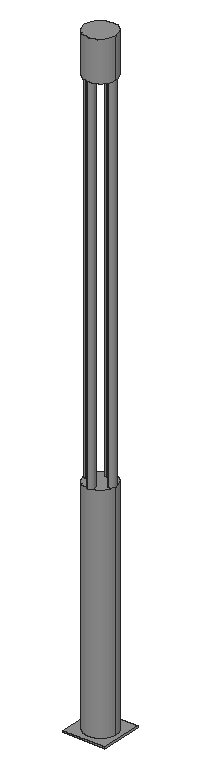
Revit family "svetilnik_alfresco_dtu-29-af_star", category Lighting Fixtures, Revit 2016
Family settings
  Part Type = Normal
  Round Connector Dimension = Use Diameter
  Work Plane-Based = No
  Always vertical = Yes
  Cut with Voids When Loaded = No
  Light Source = Yes
  Shared = No
  Room Calculation Point = No
Parameters (values of type "Светодиодный светильник STAR ДТУ-29-AF-50Вт")
  Watermarked By = ""
  built-in parameter 1150104 = 13.8 (stored number, unit not read)
  Цветовая температура = "3000-5500"  # constant formula
  built-in parameter 1150134 = 12
  Photometric Web File = "Star 40w.ies"
  Tilt Angle = 90.00°
  Тип продукции = "LED-СОВ"  # constant formula
  Тип ПРА = "-"  # constant formula
  Тип КСС = "Sym"  # constant formula
  Тип ИС = "LED-СОВ"
  Температура эксплуатации = "-35 +40"  # constant formula
  built-in parameter 1150137 = (empty or 0)
  built-in parameter 1150132 = 2
  built-in parameter 1150114 = 1 (stored number, unit not read)
  Dimming Lamp Color Temperature Shift = <None>
  built-in parameter 1150105 = 4604.4 (stored number, unit not read)
  Сечение по фланцу = 300.00 mm
  Color Filter = 16777215
  Lumens = 4800 lm
  Световой поток = 4800 lm
  Разработано = "support@bimlib.ru"  # constant formula
  built-in parameter 1150109 = 1 (stored number, unit not read)
  built-in parameter 1150112 = 1 (stored number, unit not read)
  built-in parameter 1150110 = 1 (stored number, unit not read)
  built-in parameter 1150113 = 1 (stored number, unit not read)
  built-in parameter 1150115 = 1 (stored number, unit not read)
  built-in parameter 1114218 = 1 (stored number, unit not read)
  built-in parameter 1114217 = 1 (stored number, unit not read)
  Apparent Load = ADSK_Номинальная мощность / ADSK_Коэффициент мощности  # 51.5464 VA
  built-in parameter 1150106 = 46.044 (stored number, unit not read)
  Область использования = "Ландшафт, коттедж.поселки,микрорайоны"  # constant formula
  built-in parameter 1150133 = 10 (stored number, unit not read)
  Wattage = 32.3141 W
  Материал опоры = Сталь, окрашенная, черная
  built-in parameter 1150139 = (empty or 0)
  Климатическая зона = "У1"  # constant formula
  Класс пожароопасности = "F (светильники предназначены для установки непосредственно на поверхность из нормально воспламеняемых матеоиалов)"  # constant formula
  Класс Защиты = "1"  # constant formula
  built-in parameter 1150138 = (empty or 0)
  built-in parameter 1150107 = 4000 (stored number, unit not read)
  built-in parameter 1150102 = (empty or 0)
  Emit from Circle Diameter = 219.00 mm
  Manufacturer = "ALFRESCO"  # constant formula
  Высота нижней части = 1600.00 mm
  Высота средней части = 2616.00 mm
  Emit Shape Visible in Rendering = no
  Блок аварийного питания = no
  URL = "http://www.allfresco.ru/item/star"
  IP Class = "IP 65"  # constant formula
  ADSK_Энергоэффективность = 120 lm/W  # constant formula
  ADSK_Ток = ADSK_Номинальная мощность / (ADSK_Коэффициент мощности * ADSK_Напряжение * sqrt(ADSK_Количество фаз числовое))  # 0.165676 A
  ADSK_Размер_Ширина = 219.00 mm
  ADSK_Размер_Длина = 219.00 mm
  ADSK_Размер_Высота = 4500.00 mm
  ADSK_Примечание [instance] = ""
  ADSK_Полная мощность = ADSK_Номинальная мощность / ADSK_Коэффициент мощности  # 51.5464 VA
  ADSK_Позиция [instance] = ""
  ADSK_Номинальная мощность = 50 W
  ADSK_Напряжение = 220 V
  ADSK_Наименование = "Светодиодный светильник STAR ДТУ-29-AF-50Вт-4,5"
  ADSK_Модель = "Стрит-Премьер ДТУ-34-AF"
  ADSK_Масса = 56
  ADSK_Коэффициент мощности = 0.97  # constant formula
  ADSK_Количество фаз числовое = 2
  ADSK_Количество фаз = 2
  ADSK_Код изделия = ""
  ADSK_Классификация нагрузок = Освещение
  ADSK_Завод-изготовитель [instance] = "ALFRESCO"
  ADSK_Единица измерения = "шт"  # constant formula
  ADSK_Артикул = "ДТУ291"
Reference planes
  plane 1 "По центру (Вперед/Назад)": y = 0
  plane 2: z = 0
  plane 3 "По центру (Влево/Вправо)": x = 0
  plane 4: z = 4500
  plane 5: z = 1600
  plane 6: z = 4216
Forms (mm)
  Extrusion 1, solid, material "Сталь, окрашенная, черная" <- "Материал опоры", detail levels medium+fine
    sketch origin (0, 0, 0) x (1, 0, 0) y (0, 1, 0)
      loop
        line (-150, 150) -> (-150, -150) -> (150, -150) -> (150, 150) -> (-150, 150)
    from 0 to 10
  Extrusion 2, solid, material "Сталь, окрашенная, черная" <- "Материал опоры", detail levels medium+fine
    sketch origin (0, 0, 0) x (1, 0, 0) y (0, 1, 0)
      loop
        circle (0, 0) r 109.5
    from 0 to 1600
  Extrusion 3, solid, material "Сталь, окрашенная, черная" <- "Материал опоры", detail levels medium+fine
    sketch origin (0, 0, 0) x (1, 0, 0) y (0, 1, 0)
      loop
        circle (0, 0) r 109.5
    from 4216 to 4500
  Extrusion 4, solid, material "Сталь, окрашенная, черная" <- "Материал опоры", detail levels medium+fine
    sketch origin (1839.148, -1524, 1600) x (0, -1, 0) y (-1, 0, 0)
      loop
        circle (-1608.5, 1839.148) r 25
      loop
        circle (-1439.5, 1839.148) r 25
      loop
        circle (-1524, 1923.648) r 25
      loop
        circle (-1524, 1754.648) r 25
    from 0 to -2616
Lines and regions (mm)
  model lines, detail levels coarse
    curve 1: line (0, 0, 0) -> (0, 0, 4500)
  symbolic lines, style "LightingFixtures"
    curve 2: line (-500, 125, 0) -> (500, 125, 0)
    curve 3: line (-500, -125, 0) -> (500, -125, 0)
    curve 4: line (-500, -125, 0) -> (-500, 125, 0)
    curve 5: line (500, 125, 0) -> (500, -125, 0)
    curve 6: line (-350, -125, 0) -> (-350, 125, 0)
    curve 7: line (350, 125, 0) -> (350, -125, 0)
Dimensions and locks
  "ADSK_Размер_Высота": plane 4 to plane 2
  "Высота нижней части": plane 5 to level
  "Высота средней части": plane 6 to plane 5
  diameter of Extrusion 2 = 219.00 mm
  "ADSK_Размер_Ширина": diameter of Extrusion 3 sketch curve
  "ADSK_Размер_Ширина": diameter of Extrusion 2 sketch curve
  aligned and locked: level to plane 2
  aligned and locked: Extrusion 2 to plane 5
  aligned and locked: Extrusion 2 to level
  aligned and locked: Extrusion 1 to level
  aligned and locked: plane 4 to Extrusion 3
  aligned and locked: Extrusion 3 to plane 6
  aligned and locked: plane 6 to imposter light
  aligned and locked: imposter light to Extrusion 4
Automatic sketch dimensions
  Extrusion 4 sketch curve to plane 3 "По центру (Влево/Вправо)" = 0.00 mm  (x2)
  plane 1 "По центру (Вперед/Назад)" to Extrusion 4 sketch curve = 0.00 mm  (x2)
  Extrusion 4 sketch curve to plane 3 "По центру (Влево/Вправо)" = 84.50 mm
  plane 3 "По центру (Влево/Вправо)" to Extrusion 4 sketch curve = 84.50 mm
  plane 1 "По центру (Вперед/Назад)" to Extrusion 2 sketch curve = 0.00 mm
  Extrusion 2 sketch curve to plane 3 "По центру (Влево/Вправо)" = 0.00 mm
  plane 1 "По центру (Вперед/Назад)" to Extrusion 3 sketch curve = 0.00 mm
  Extrusion 3 sketch curve to plane 3 "По центру (Влево/Вправо)" = 0.00 mm
  curve 1 to plane 3 "По центру (Влево/Вправо)" = 0.00 mm
  curve 1 to level = 0.00 mm
  curve 1 to plane 4 = 0.00 mm
  curve 4 to plane 3 "По центру (Влево/Вправо)" = 500.00 mm
  curve 2 to curve 6 = 150.00 mm
  plane 3 "По центру (Влево/Вправо)" to curve 7 = 350.00 mm
  curve 7 to curve 3 = 150.00 mm
  plane 1 "По центру (Вперед/Назад)" to curve 5 = 125.00 mm
  curve 3 to curve 2 = 250.00 mm
  Extrusion 4 sketch curve to plane 1 "По центру (Вперед/Назад)" = 84.50 mm
  plane 1 "По центру (Вперед/Назад)" to Extrusion 4 sketch curve = 84.50 mm
  Extrusion 1 sketch curve to plane 3 "По центру (Влево/Вправо)" = 150.00 mm
  plane 3 "По центру (Влево/Вправо)" to Extrusion 1 sketch curve = 150.00 mm
  plane 1 "По центру (Вперед/Назад)" to Extrusion 1 sketch curve = 150.00 mm
  Extrusion 1 sketch curve to plane 1 "По центру (Вперед/Назад)" = 150.00 mm
  radius of Extrusion 4 sketch curve = 25.00 mm  (x4)
Connectors
  electrical at (0, 0, 0), driven by "ADSK_Количество фаз", driven by "ADSK_Классификация нагрузок", driven by "ADSK_Напряжение", driven by "Apparent Load", driven by "ADSK_Коэффициент мощности"
    settings: on Extrusion 2, index 1, voltage 220 V, apparent load 51.5464 VA, apparent load phase1 0 VA, apparent load phase2 0 VA, apparent load phase3 0 VA, power factor 0.97, load classification "Освещение", number of poles 2, system type 30, power factor state 1, is connector primary yes, connector utility no, sub classification motor no, connector description ""
